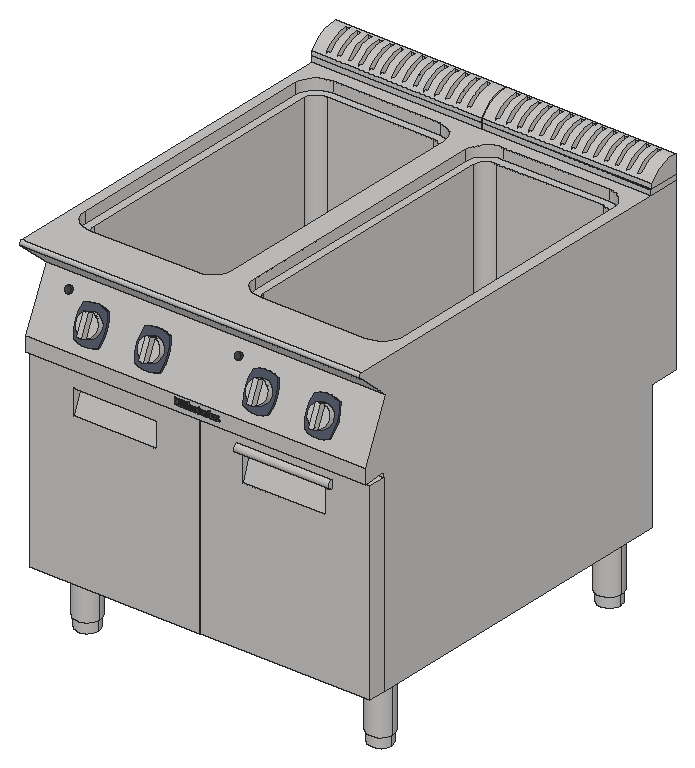
Revit family "QF_ELECTROLUXPROFESSIONAL_391413_E9OODDBAME", category Specialty Equipment, Revit 2018
Family settings
  Round Connector Dimension = Use Diameter
  Part Type = Normal
  Work Plane-Based = No
  Always vertical = Yes
  Cut with Voids When Loaded = No
  Shared = No
  Room Calculation Point = No
Parameters (values of type "Standard")
  Weight = 115.00 kg
  Watts = 0 W
  Volts = 380 V
  URL Manufacturer = "http://professional.electrolux.com"
  URL = "http://professional.electrolux.com"
  Steam Supply Size = 0"
  Steam Supply Minimum Pressure = 0.00 psi
  Steam Supply Maximum Pressure = 0.00 psi
  Steam Pounds per Hour = 0
  Show Logo [instance] = yes
  Show Clearance [instance] = yes
  Refrigeration Suction Line Size = 0 mm
  Refrigeration Liquid Line Size = 0 mm
  Refrigerant Compressor Remote = yes
  Phase = 3
  Model = "E9OODDBAME"
  Manufacturer = "Electrolux Professional"
  Length Actual = 800 mm  # constant formula
  Item Number = "391413"
  Hot Water Size = 0"
  Height Actual = 850 mm  # constant formula
  HP = "26.8 HP"
  Gas Size = 0"
  Gas KW = 0
  Gas Input Pressure = 0.0 Btu/h
  Direct Waste Size = 1"
  Description = "ELECTRIC PASTA COOKER 2X40 LT WELLS (AUS)"
  Depth Actual = 930 mm  # constant formula
  Cycle = 50 Hz
  Condensate Return Size = 0"
  Compressed Air Volume = 0 GPM
  Compressed Air Size = 0"
  Compressed Air Pressure = 0.00 psi
  Cold Water Size = 3/4"
  Accessory = yes
Reference planes
  plane 1 "BACK": y = 0
  plane 2: z = 0
  plane 3 "LEFT": x = 0
  plane 4 "RIGHT": x = 800
  plane 5 "FRONT": y = -930
  plane 6 "TOP": z = 908
  plane 7 "Center Y": x = 400
  plane 8 "Center X": y = -465
  plane 9 "BASE": z = 601.763
  plane 10 "TOP A": z = 851
  plane 11: z = 150
  plane 12: y = -126
  plane 13: y = -800
  plane 14: y = -1288
  plane 15: x = 755
  plane 16: x = 232
  plane 17: x = 65
  plane 18: x = 737
  plane 19: x = 632
  plane 20: x = 55
  plane 21: x = 745
Forms (mm)
  Extrusion 1, solid, material "QF_Finishes_Stainless Steel"
    sketch origin (0, 0, 0) x (0, 1, 0) y (0, 0, 1)
      loop
        line (0, 851) -> (-923.65, 851)
        arc (-923.65, 851) -> (-929.517, 847.08) -> (-928.14, 840.16) r 6.35
        line (-928.14, 840.16) -> (-852.034, 773.495) -> (-912.145, 642.892) -> (-912.145, 608.853) -> (-858.773, 614.463) -> (-858.773, 150) -> (-70, 150) -> (-70, 451.763) -> (0, 451.763) -> (0, 851)
      loop
        line (-900, 601.763) -> (-900, 150) -> (-860.361, 150) -> (-860.361, 601.763) -> (-900, 601.763)
    from 0 to 800
  Extrusion 2, solid, material "QF_Clearances", visible <- "Show Clearance", detail levels coarse
    sketch origin (0, 0, 0) x (1, 0, 0) y (0, 1, 0)
      loop
        line (0, -930) -> (0, 0) -> (800, 0) -> (800, -930) -> (950.019, -930) -> (950.019, 150.019) -> (-150.019, 150.019) -> (-150.019, -930) -> (0, -930)
    from 0 to 908
  Extrusion 3, solid, material "QF_Door-Drawer Clearances", visible <- "Show Clearance", detail levels coarse
    sketch origin (400, 0, 851) x (1, 0, 0) y (0, 1, 0)
      loop
        arc (-400, -1288) -> (-124.279, -1172.327) -> (-0.826, -900) r 409.234
        line (-0.826, -900) -> (-400, -900) -> (-400, -1288)
    from -701 to -249.237
  Extrusion 4, solid, material "QF_Door-Drawer Clearances", visible <- "Show Clearance", detail levels coarse
    sketch origin (400, 0, 851) x (-1, 0, 0) y (0, -1, 0)
      loop
        line (-400, 1288) -> (-400, 900) -> (-0.826, 900)
        arc (-0.826, 900) -> (-124.279, 1172.327) -> (-400, 1288) r 409.234
    from -701 to -249.237
  Extrusion 5, solid, material "QF_Finishes_Navy Blue", visible <- "Show Logo"
    sketch origin (201.175, -912.145, 608.853) x (0, 0, 1) y (-1, 0, 0)
      loop
        line (27.359, -159.055) -> (14.993, -159.055)
        arc (14.993, -159.055) -> (21.176, -163.626) -> (27.359, -159.055) r 6.467
      loop
        arc (27.359, -158.426) -> (26.19, -153.283) -> (21.534, -150.805) r 6.338
        line (21.534, -150.805) -> (21.534, -152.851)
        arc (21.534, -152.851) -> (23.018, -156.506) -> (26.464, -158.426) r 5.941
        line (26.464, -158.426) -> (27.359, -158.426)
      loop
        arc (15.888, -158.426) -> (19.334, -156.506) -> (20.817, -152.851) r 5.941
        line (20.817, -152.851) -> (20.817, -150.805)
        arc (20.817, -150.805) -> (16.123, -153.279) -> (14.834, -158.426) r 6.504
        line (14.834, -158.426) -> (15.888, -158.426)
      loop
        line (28.034, -150.336) -> (14.29, -150.336) -> (14.29, -164.099) -> (28.034, -164.099) -> (28.034, -150.336)
      loop
        arc (28.118, -167.066) -> (27.77, -166.709) -> (27.403, -167.047) r 0.358
        arc (27.403, -167.047) -> (27.089, -167.797) -> (26.372, -168.182) r 1.216
        line (26.372, -168.182) -> (15.959, -168.182)
        arc (15.959, -168.182) -> (15.299, -167.904) -> (14.903, -167.308) r 1.238
        arc (14.903, -167.308) -> (14.509, -167.057) -> (14.203, -167.411) r 0.358
        line (14.203, -167.411) -> (14.203, -177.29) -> (16.954, -177.29) -> (16.954, -176.393)
        arc (16.954, -176.393) -> (16.045, -175.813) -> (15.589, -174.836) r 1.928
        line (15.589, -174.836) -> (15.589, -172.337)
        arc (15.589, -172.337) -> (15.865, -171.608) -> (16.553, -171.244) r 1.101
        line (16.553, -171.244) -> (20.64, -171.244) -> (20.64, -174.917)
        arc (20.64, -174.917) -> (20.287, -175.414) -> (19.722, -175.642) r 1.083
        arc (19.722, -175.642) -> (19.459, -175.948) -> (19.751, -176.226) r 0.292
        line (19.751, -176.226) -> (22.713, -176.226)
        arc (22.713, -176.226) -> (23.016, -175.953) -> (22.777, -175.623) r 0.305
        arc (22.777, -175.623) -> (22.286, -175.375) -> (21.981, -174.917) r 1.083
        line (21.981, -174.917) -> (21.981, -171.244) -> (26.659, -171.244) -> (26.659, -174.991)
        arc (26.659, -174.991) -> (26.444, -175.747) -> (25.838, -176.245) r 1.314
        arc (25.838, -176.245) -> (25.619, -176.649) -> (25.973, -176.941) r 0.361
        line (25.973, -176.941) -> (28.118, -176.941) -> (28.118, -167.066)
      loop
        arc (27.4, -177.722) -> (27.02, -178.641) -> (26.101, -179.021) r 1.299
        line (26.101, -179.021) -> (16.522, -179.021)
        arc (16.522, -179.021) -> (15.684, -178.643) -> (15.413, -177.765) r 1.118
        line (15.413, -177.765) -> (14.203, -177.765) -> (14.203, -183.115) -> (15.391, -183.115)
        arc (15.391, -183.115) -> (15.663, -182.198) -> (16.533, -181.802) r 1.153
        line (16.533, -181.802) -> (28.605, -181.802) -> (27.4, -177.722)
      loop
        line (19.168, -185.751) -> (19.168, -192.198) -> (19.967, -192.198)
        arc (19.967, -192.198) -> (22.547, -191.214) -> (23.816, -188.76) r 3.874
        line (23.816, -188.76) -> (23.816, -187)
        arc (23.816, -187) -> (22.629, -184.135) -> (19.765, -182.949) r 4.051
        line (19.765, -182.949) -> (17.757, -182.949)
        arc (17.757, -182.949) -> (14.938, -184.434) -> (13.887, -187.441) r 4.352
        arc (13.887, -187.441) -> (14.251, -189.904) -> (15.629, -191.978) r 5.713
        line (15.629, -191.978) -> (16.578, -191.978)
        arc (16.578, -191.978) -> (15.845, -190.409) -> (15.629, -188.691) r 5.579
        arc (15.629, -188.691) -> (16.422, -186.728) -> (18.301, -185.751) r 3.057
        line (18.301, -185.751) -> (19.168, -185.751)
      loop
        line (20.427, -185.751) -> (20.427, -189.333)
        arc (20.427, -189.333) -> (21.884, -189.38) -> (22.767, -188.221) r 1.59
        line (22.767, -188.221) -> (22.767, -187.391)
        arc (22.767, -187.391) -> (21.902, -186.136) -> (20.427, -185.751) r 2.184
      loop
        arc (23.218, -201.616) -> (23.707, -199.942) -> (23.864, -198.205) r 9.023
        line (23.864, -198.205) -> (23.864, -196.843)
        arc (23.864, -196.843) -> (22.705, -194.043) -> (19.905, -192.883) r 3.959
        line (19.905, -192.883) -> (17.305, -192.883)
        arc (17.305, -192.883) -> (15.023, -194.176) -> (13.906, -196.549) r 4.331
        line (13.906, -196.549) -> (13.906, -198.684)
        arc (13.906, -198.684) -> (14.414, -200.234) -> (15.336, -201.58) r 5.772
        arc (15.336, -201.58) -> (16.098, -201.631) -> (16.184, -200.872) r 0.553
        arc (16.184, -200.872) -> (15.796, -200.138) -> (15.662, -199.319) r 2.573
        line (15.662, -199.319) -> (15.662, -197.804)
        arc (15.662, -197.804) -> (16.668, -196.162) -> (18.483, -195.52) r 2.884
        line (18.483, -195.52) -> (19.762, -195.52)
        arc (19.762, -195.52) -> (21.583, -196.08) -> (22.509, -197.745) r 2.554
        line (22.509, -197.745) -> (22.509, -198.798)
        arc (22.509, -198.798) -> (22.178, -199.726) -> (21.521, -200.461) r 2.564
        arc (21.521, -200.461) -> (21.299, -201.178) -> (21.909, -201.616) r 0.643
        line (21.909, -201.616) -> (23.218, -201.616)
      loop
        line (22.2, -201.886) -> (22.2, -203.387) -> (16.152, -203.387)
        arc (16.152, -203.387) -> (14.564, -204.045) -> (13.906, -205.633) r 2.246
        line (13.906, -205.633) -> (13.906, -207.217)
        arc (13.906, -207.217) -> (14.22, -208.081) -> (14.72, -208.853) r 4.06
        arc (14.72, -208.853) -> (15.453, -208.986) -> (15.704, -208.285) r 0.576
        arc (15.704, -208.285) -> (15.598, -207.759) -> (15.662, -207.227) r 1.69
        arc (15.662, -207.227) -> (16.204, -206.439) -> (17.11, -206.136) r 1.506
        line (17.11, -206.136) -> (22.248, -206.136) -> (22.248, -208.533) -> (22.805, -209.089) -> (23.626, -209.089) -> (23.626, -206.23) -> (26.857, -206.23) -> (22.2, -201.886)
      loop
        line (14.124, -209.987) -> (14.124, -215.374) -> (15.234, -215.374)
        arc (15.234, -215.374) -> (15.627, -214.423) -> (16.578, -214.029) r 1.345
        line (16.578, -214.029) -> (20.195, -214.029)
        arc (20.195, -214.029) -> (20.959, -214.621) -> (21.249, -215.543) r 1.615
        line (21.249, -215.543) -> (21.249, -217.099) -> (23.805, -217.784) -> (23.805, -216.401) -> (21.862, -213.842) -> (23.742, -213.842) -> (23.458, -211.136)
        arc (23.458, -211.136) -> (23.018, -210.606) -> (22.359, -210.807) r 0.621
        arc (22.359, -210.807) -> (21.959, -211.149) -> (21.465, -211.332) r 1.501
        line (21.465, -211.332) -> (16.578, -211.332)
        arc (16.578, -211.332) -> (15.627, -210.938) -> (15.234, -209.987) r 1.345
        line (15.234, -209.987) -> (14.124, -209.987)
      loop
        line (20.225, -217.321) -> (17.533, -217.321)
        arc (17.533, -217.321) -> (15.088, -218.629) -> (13.954, -221.159) r 4.288
        arc (13.954, -221.159) -> (13.89, -222.54) -> (13.954, -223.92) r 15.022
        arc (13.954, -223.92) -> (15.088, -226.451) -> (17.533, -227.758) r 4.288
        line (17.533, -227.758) -> (20.225, -227.758)
        arc (20.225, -227.758) -> (22.671, -226.451) -> (23.805, -223.92) r 4.288
        arc (23.805, -223.92) -> (23.868, -222.54) -> (23.805, -221.159) r 15.022
        arc (23.805, -221.159) -> (22.671, -218.629) -> (20.225, -217.321) r 4.288
      loop
        line (20.43, -220.435) -> (17.328, -220.435)
        arc (17.328, -220.435) -> (15.171, -222.592) -> (17.328, -224.749) r 2.157
        line (17.328, -224.749) -> (20.43, -224.749)
        arc (20.43, -224.749) -> (22.587, -222.592) -> (20.43, -220.435) r 2.157
      loop
        arc (27.411, -227.616) -> (27.041, -228.51) -> (26.147, -228.881) r 1.264
        line (26.147, -228.881) -> (16.282, -228.881)
        arc (16.282, -228.881) -> (15.412, -228.484) -> (15.141, -227.568) r 1.153
        line (15.141, -227.568) -> (14.203, -227.568) -> (14.203, -232.676) -> (15.131, -232.676)
        arc (15.131, -232.676) -> (15.49, -231.904) -> (16.282, -231.589) r 1.153
        line (16.282, -231.589) -> (28.605, -231.589) -> (27.411, -227.616)
      loop
        arc (22.531, -232.213) -> (22.332, -233.278) -> (21.363, -233.76) r 1.215
        line (21.363, -233.76) -> (16.343, -233.76)
        arc (16.343, -233.76) -> (14.728, -234.407) -> (14.008, -235.99) r 2.338
        line (14.008, -235.99) -> (14.008, -237.505)
        arc (14.008, -237.505) -> (14.182, -238.509) -> (14.684, -239.395) r 2.979
        line (14.684, -239.395) -> (14.203, -241.192) -> (14.203, -242.88) -> (23.629, -242.88) -> (23.335, -238.677) -> (22.548, -238.677)
        arc (22.548, -238.677) -> (22.192, -239.513) -> (21.44, -240.022) r 1.605
        line (21.44, -240.022) -> (16.337, -240.022)
        arc (16.337, -240.022) -> (15.917, -239.085) -> (15.844, -238.061) r 2.94
        arc (15.844, -238.061) -> (16.405, -236.96) -> (17.558, -236.517) r 1.724
        line (17.558, -236.517) -> (23.755, -236.517) -> (22.531, -232.213)
      loop
        line (23.559, -243.734) -> (21.887, -245.78) -> (18.713, -248.086) -> (15.257, -244.974)
        arc (15.257, -244.974) -> (15.02, -244.58) -> (15.042, -244.121) r 0.789
        line (15.042, -244.121) -> (14.203, -244.121) -> (14.203, -247.666) -> (15.029, -247.666)
        arc (15.029, -247.666) -> (15.372, -247.304) -> (15.862, -247.396) r 0.52
        line (15.862, -247.396) -> (17.661, -248.867) -> (15.543, -250.242)
        arc (15.543, -250.242) -> (15.142, -249.932) -> (15.055, -249.433) r 0.7
        line (15.055, -249.433) -> (14.203, -249.433) -> (14.203, -255.36) -> (15.09, -255.36)
        arc (15.09, -255.36) -> (15.157, -254.701) -> (15.552, -254.17) r 1.247
        line (15.552, -254.17) -> (19.751, -250.889) -> (22.198, -252.942) -> (23.559, -254.684) -> (23.559, -250.96) -> (22.074, -251.383) -> (20.553, -250.106) -> (22.253, -248.916) -> (23.559, -249.692) -> (23.559, -243.734)
    from 0 to 1.644
  Extrusion 6, solid, material "QF_Finishes_Stainless Steel"
    sketch origin (200, 0, 0) x (0, 1, 0) y (0, 0, 1)
      loop
        line (-71.89, 863.9) -> (-71.89, 851) -> (0, 851) -> (0, 863.9) -> (-71.89, 863.9)
    from -200 to 200
  Extrusion 7, solid, material "QF_Finishes_Stainless Steel"
    sketch origin (0, 0, 574.263) x (0, 1, 0) y (0, 0, 1)
      loop
        line (0, 289.638) -> (0, 333.737)
        arc (0, 333.737) -> (-39.336, 326.03) -> (-69.85, 300.038) r 79.141
        line (-69.85, 300.038) -> (-69.85, 289.638) -> (0, 289.638)
    from 0 to 400
  Extrusion 8, void
    sketch origin (0, 0, 848.9) x (0, -1, 0) y (1, 0, 0)
      loop
        line (6.761, 29.703) -> (63.911, 29.703) -> (63.911, 38.999) -> (6.761, 38.999) -> (6.761, 29.703)
      loop
        line (63.911, 64.487) -> (6.761, 64.487) -> (6.761, 55.191) -> (63.911, 55.191) -> (63.911, 64.487)
      loop
        line (63.911, 89.975) -> (6.761, 89.975) -> (6.761, 80.68) -> (63.911, 80.68) -> (63.911, 89.975)
      loop
        line (63.911, 115.464) -> (6.761, 115.464) -> (6.761, 106.168) -> (63.911, 106.168) -> (63.911, 115.464)
      loop
        line (63.911, 140.952) -> (6.761, 140.952) -> (6.761, 131.656) -> (63.911, 131.656) -> (63.911, 140.952)
      loop
        line (63.911, 166.44) -> (6.761, 166.44) -> (6.761, 157.145) -> (63.911, 157.145) -> (63.911, 166.44)
      loop
        line (63.911, 191.929) -> (6.761, 191.929) -> (6.761, 182.633) -> (63.911, 182.633) -> (63.911, 191.929)
      loop
        line (63.911, 217.417) -> (6.761, 217.417) -> (6.761, 208.121) -> (63.911, 208.121) -> (63.911, 217.417)
      loop
        line (63.911, 242.905) -> (6.761, 242.905) -> (6.761, 233.61) -> (63.911, 233.61) -> (63.911, 242.905)
      loop
        line (63.911, 268.394) -> (6.761, 268.394) -> (6.761, 259.098) -> (63.911, 259.098) -> (63.911, 268.394)
      loop
        line (63.911, 293.882) -> (6.761, 293.882) -> (6.761, 284.586) -> (63.911, 284.586) -> (63.911, 293.882)
      loop
        line (63.911, 319.37) -> (6.761, 319.37) -> (6.761, 310.075) -> (63.911, 310.075) -> (63.911, 319.37)
      loop
        line (63.911, 344.859) -> (6.761, 344.859) -> (6.761, 335.563) -> (63.911, 335.563) -> (63.911, 344.859)
      loop
        line (63.911, 370.347) -> (6.761, 370.347) -> (6.761, 361.051) -> (63.911, 361.051) -> (63.911, 370.347)
    from 25.4 to 63.5
  Extrusion 9, solid, material "QF_Finishes_Stainless Steel"
    sketch origin (600, 0, 0) x (0, 1, 0) y (0, 0, -1)
      loop
        line (-71.89, -863.9) -> (0, -863.9) -> (0, -851) -> (-71.89, -851) -> (-71.89, -863.9)
    from -200 to 200
  Extrusion 10, solid, material "QF_Finishes_Stainless Steel"
    sketch origin (800, 0, 574.263) x (0, 1, 0) y (0, 0, -1)
      loop
        line (0, -289.638) -> (-69.85, -289.638) -> (-69.85, -300.038)
        arc (-69.85, -300.038) -> (-39.336, -326.03) -> (0, -333.737) r 79.141
        line (0, -333.737) -> (0, -289.638)
    from 0 to 400
  Extrusion 11, void
    sketch origin (800, 0, 848.9) x (0, -1, 0) y (1, 0, 0)
      loop
        line (6.761, -29.703) -> (6.761, -38.999) -> (63.911, -38.999) -> (63.911, -29.703) -> (6.761, -29.703)
      loop
        line (63.911, -64.487) -> (63.911, -55.191) -> (6.761, -55.191) -> (6.761, -64.487) -> (63.911, -64.487)
      loop
        line (63.911, -90.975) -> (63.911, -81.68) -> (6.761, -81.68) -> (6.761, -90.975) -> (63.911, -90.975)
      loop
        line (63.911, -116.464) -> (63.911, -107.168) -> (6.761, -107.168) -> (6.761, -116.464) -> (63.911, -116.464)
      loop
        line (63.911, -141.952) -> (63.911, -132.656) -> (6.761, -132.656) -> (6.761, -141.952) -> (63.911, -141.952)
      loop
        line (63.911, -167.44) -> (63.911, -158.145) -> (6.761, -158.145) -> (6.761, -167.44) -> (63.911, -167.44)
      loop
        line (63.911, -192.929) -> (63.911, -183.633) -> (6.761, -183.633) -> (6.761, -192.929) -> (63.911, -192.929)
      loop
        line (63.911, -218.417) -> (63.911, -209.121) -> (6.761, -209.121) -> (6.761, -218.417) -> (63.911, -218.417)
      loop
        line (63.911, -243.905) -> (63.911, -234.61) -> (6.761, -234.61) -> (6.761, -243.905) -> (63.911, -243.905)
      loop
        line (63.911, -269.394) -> (63.911, -260.098) -> (6.761, -260.098) -> (6.761, -269.394) -> (63.911, -269.394)
      loop
        line (63.911, -294.882) -> (63.911, -285.586) -> (6.761, -285.586) -> (6.761, -294.882) -> (63.911, -294.882)
      loop
        line (63.911, -320.37) -> (63.911, -311.075) -> (6.761, -311.075) -> (6.761, -320.37) -> (63.911, -320.37)
      loop
        line (63.911, -345.859) -> (63.911, -336.563) -> (6.761, -336.563) -> (6.761, -345.859) -> (63.911, -345.859)
      loop
        line (63.911, -371.347) -> (63.911, -362.051) -> (6.761, -362.051) -> (6.761, -371.347) -> (63.911, -371.347)
    from 25.4 to 63.5
  Extrusion 12, void
    sketch origin (0, -900, 601.763) x (0, 0, -1) y (1, 0, 0)
      loop
        line (451.762, 400.912) -> (0, 400.912) -> (0, 399.088) -> (451.762, 399.088) -> (451.762, 400.912)
    from 0 to -39.639
  Extrusion 13, void
    sketch origin (200, -14.239, 0) x (0, 1, 0) y (0, 0, 1)
      loop
        line (-885.761, 564.263) -> (-885.761, 504.332) -> (-863.948, 564.263) -> (-885.761, 564.263)
    from -96.424 to 99.144
  Extrusion 14, void
    sketch origin (600, -14.239, 0) x (0, 1, 0) y (0, 0, -1)
      loop
        line (-885.761, -564.263) -> (-863.948, -564.263) -> (-885.761, -504.332) -> (-885.761, -564.263)
    from -96.424 to 99.144
  Extrusion 15, solid, material "QF_Finishes_Stainless Steel"
    sketch origin (600, -14.239, 22.5) x (0, 1, 0) y (0, 0, -1)
      loop
        arc (-885.761, -541.858) -> (-895.666, -551.763) -> (-885.761, -561.667) r 9.905
        line (-885.761, -561.667) -> (-885.761, -541.858)
    from -110.529 to 112.106
  Extrusion 16, void
    sketch origin (0, 0, 791) x (1, 0, 0) y (0, 1, 0)
      loop
        line (75, -800) -> (325, -800)
        arc (325, -800) -> (346.213, -791.213) -> (355, -770) r 30
        line (355, -770) -> (355, -606.643)
        arc (355, -606.643) -> (346.213, -627.856) -> (325, -636.643) r 30
        line (325, -636.643) -> (75, -636.643)
        arc (75, -636.643) -> (53.787, -627.856) -> (45, -606.643) r 30
        line (45, -606.643) -> (45, -770)
        arc (45, -770) -> (53.787, -791.213) -> (75, -800) r 30
    from 35 to -189.237
  Extrusion 17, void
    sketch origin (0, 0, 791) x (0, 1, 0) y (-1, 0, 0)
      loop
        arc (-121.89, -75) -> (-130.677, -53.787) -> (-151.89, -45) r 30
        line (-151.89, -45) -> (-606.643, -45)
        arc (-606.643, -45) -> (-627.856, -53.787) -> (-636.643, -75) r 30
        line (-636.643, -75) -> (-636.643, -325)
        arc (-636.643, -325) -> (-627.856, -346.213) -> (-606.643, -355) r 30
        line (-606.643, -355) -> (-151.89, -355)
        arc (-151.89, -355) -> (-130.677, -346.213) -> (-121.89, -325) r 30
        line (-121.89, -325) -> (-121.89, -75)
    from 35 to -339.237
  Extrusion 18, void
    sketch origin (800, 0, 851) x (1, 0, 0) y (0, 1, 0)
      loop
        line (-75, -101.89) -> (-325, -101.89)
        arc (-325, -101.89) -> (-360.355, -116.535) -> (-375, -151.89) r 50
        line (-375, -151.89) -> (-375, -770)
        arc (-375, -770) -> (-360.355, -805.355) -> (-325, -820) r 50
        line (-325, -820) -> (-75, -820)
        arc (-75, -820) -> (-39.645, -805.355) -> (-25, -770) r 50
        line (-25, -770) -> (-25, -151.89)
        arc (-25, -151.89) -> (-39.645, -116.535) -> (-75, -101.89) r 50
    from 0 to -25
  Extrusion 19, void
    sketch origin (800, 0, 791) x (-1, 0, 0) y (0, -1, 0)
      loop
        arc (75, 800) -> (53.787, 791.213) -> (45, 770) r 30
        line (45, 770) -> (45, 606.643)
        arc (45, 606.643) -> (53.787, 627.856) -> (75, 636.643) r 30
        line (75, 636.643) -> (325, 636.643)
        arc (325, 636.643) -> (346.213, 627.856) -> (355, 606.643) r 30
        line (355, 606.643) -> (355, 770)
        arc (355, 770) -> (346.213, 791.213) -> (325, 800) r 30
        line (325, 800) -> (75, 800)
    from 35 to -189.237
  Extrusion 20, void
    sketch origin (800, 0, 791) x (0, -1, 0) y (1, 0, 0)
      loop
        line (121.89, -75) -> (121.89, -325)
        arc (121.89, -325) -> (130.677, -346.213) -> (151.89, -355) r 30
        line (151.89, -355) -> (606.643, -355)
        arc (606.643, -355) -> (627.856, -346.213) -> (636.643, -325) r 30
        line (636.643, -325) -> (636.643, -75)
        arc (636.643, -75) -> (627.856, -53.787) -> (606.643, -45) r 30
        line (606.643, -45) -> (151.89, -45)
        arc (151.89, -45) -> (130.677, -53.787) -> (121.89, -75) r 30
    from 35 to -339.237
  Extrusion 21, solid, material "QF_Finishes_Navy Blue"
    sketch origin (-405.52, -913.486, 639.979) x (0, 0.418102, 0.9084) y (-1, 0, 0)
      loop
        arc (102.623, -510.47) -> (67.041, -502.846) -> (31.333, -509.853) r 90.5
        arc (31.333, -509.853) -> (24.507, -539.04) -> (31.333, -568.228) r 65.817
        arc (31.333, -568.228) -> (67.04, -575.188) -> (102.623, -567.615) r 91.066
        arc (102.623, -567.615) -> (109.179, -539.043) -> (102.623, -510.47) r 65.546
    from 0 to 3.175
  Extrusion 22, solid, material "QF_Finishes_Stainless Steel"
    sketch origin (-26.77, -917.2, 639.505) x (0, 0.418102, 0.9084) y (-1, 0, 0)
      loop
        circle (68.826, -160.963) r 25.4
    from 0 to 12.7
  Extrusion 23, solid, material "QF_Finishes_Stainless Steel"
    sketch origin (-26.77, -928.736, 644.814) x (0, 0.418102, 0.9084) y (-1, 0, 0)
      loop
        arc (93.558, -166.749) -> (94.226, -160.963) -> (93.558, -155.177) r 25.4
        line (93.558, -155.177) -> (44.094, -155.177)
        arc (44.094, -155.177) -> (43.426, -160.963) -> (44.094, -166.749) r 25.4
        line (44.094, -166.749) -> (93.558, -166.749)
    from 0 to 12.7
  Extrusion 24, solid, material "QF_Finishes_Navy Blue"
    sketch origin (-260.52, -913.486, 639.979) x (0, 0.418102, 0.9084) y (-1, 0, 0)
      loop
        arc (102.623, -510.47) -> (67.041, -502.846) -> (31.333, -509.853) r 90.5
        arc (31.333, -509.853) -> (24.507, -539.04) -> (31.333, -568.228) r 65.817
        arc (31.333, -568.228) -> (67.04, -575.188) -> (102.623, -567.615) r 91.066
        arc (102.623, -567.615) -> (109.179, -539.043) -> (102.623, -510.47) r 65.546
    from 0 to 3.175
  Extrusion 25, solid, material "QF_Finishes_Stainless Steel"
    sketch origin (118.23, -917.2, 639.505) x (0, 0.418102, 0.9084) y (-1, 0, 0)
      loop
        circle (68.826, -160.963) r 25.4
    from 0 to 12.7
  Extrusion 26, solid, material "QF_Finishes_Stainless Steel"
    sketch origin (118.23, -928.736, 644.814) x (0, 0.418102, 0.9084) y (-1, 0, 0)
      loop
        arc (93.558, -166.749) -> (94.226, -160.963) -> (93.558, -155.177) r 25.4
        line (93.558, -155.177) -> (44.094, -155.177)
        arc (44.094, -155.177) -> (43.426, -160.963) -> (44.094, -166.749) r 25.4
        line (44.094, -166.749) -> (93.558, -166.749)
    from 0 to 12.7
  Extrusion 27, solid, material "QF_Finishes_Black"
    sketch origin (-36.317, -915, 636.69) x (0, 0.418102, 0.9084) y (-1, 0, 0)
      loop
        circle (117.556, -101.317) r 7.5
    from 0 to 4
  Extrusion 28, solid, material "QF_Finishes_Navy Blue"
    sketch origin (-5.52, -913.486, 639.979) x (0, 0.418102, 0.9084) y (-1, 0, 0)
      loop
        arc (102.623, -510.47) -> (67.041, -502.846) -> (31.333, -509.853) r 90.5
        arc (31.333, -509.853) -> (24.507, -539.04) -> (31.333, -568.228) r 65.817
        arc (31.333, -568.228) -> (67.04, -575.188) -> (102.623, -567.615) r 91.066
        arc (102.623, -567.615) -> (109.179, -539.043) -> (102.623, -510.47) r 65.546
    from 0 to 3.175
  Extrusion 29, solid, material "QF_Finishes_Stainless Steel"
    sketch origin (373.23, -917.2, 639.505) x (0, 0.418102, 0.9084) y (-1, 0, 0)
      loop
        circle (68.826, -160.963) r 25.4
    from 0 to 12.7
  Extrusion 30, solid, material "QF_Finishes_Stainless Steel"
    sketch origin (373.23, -928.736, 644.814) x (0, 0.418102, 0.9084) y (-1, 0, 0)
      loop
        arc (93.558, -166.749) -> (94.226, -160.963) -> (93.558, -155.177) r 25.4
        line (93.558, -155.177) -> (44.094, -155.177)
        arc (44.094, -155.177) -> (43.426, -160.963) -> (44.094, -166.749) r 25.4
        line (44.094, -166.749) -> (93.558, -166.749)
    from 0 to 12.7
  Extrusion 31, solid, material "QF_Finishes_Navy Blue"
    sketch origin (139.48, -913.486, 639.979) x (0, 0.418102, 0.9084) y (-1, 0, 0)
      loop
        arc (102.64, -509.47) -> (67.049, -501.922) -> (31.333, -508.853) r 91.424
        arc (31.333, -508.853) -> (24.284, -538.54) -> (31.333, -568.228) r 66.04
        arc (31.333, -568.228) -> (67.048, -575.112) -> (102.64, -567.615) r 91.99
        arc (102.64, -567.615) -> (109.413, -538.543) -> (102.64, -509.47) r 65.781
    from 0 to 3.175
  Extrusion 32, solid, material "QF_Finishes_Stainless Steel"
    sketch origin (518.23, -917.2, 639.505) x (0, 0.418102, 0.9084) y (-1, 0, 0)
      loop
        circle (68.826, -160.963) r 25.4
    from 0 to 12.7
  Extrusion 33, solid, material "QF_Finishes_Stainless Steel"
    sketch origin (518.23, -928.736, 644.814) x (0, 0.418102, 0.9084) y (-1, 0, 0)
      loop
        arc (93.558, -166.749) -> (94.226, -160.963) -> (93.558, -155.177) r 25.4
        line (93.558, -155.177) -> (44.094, -155.177)
        arc (44.094, -155.177) -> (43.426, -160.963) -> (44.094, -166.749) r 25.4
        line (44.094, -166.749) -> (93.558, -166.749)
    from 0 to 12.7
  Extrusion 34, solid, material "QF_Finishes_Black"
    sketch origin (363.683, -915, 636.69) x (0, 0.418102, 0.9084) y (-1, 0, 0)
      loop
        circle (117.556, -101.317) r 7.5
    from 0 to 4
  Extrusion 35, solid, material "QF_Finishes_Stainless Steel"
    sketch origin (0, 0, 0) x (1, 0, 0) y (0, 1, 0)
      loop
        circle (232, -780) r 12.7
    from 176 to 292.788
  Extrusion 36, solid, material "QF_Finishes_Stainless Steel"
    sketch origin (0, -70, 150) x (-1, 0, 0) y (0, 1, 0)
      loop
        circle (-599, -500) r 6.35
    from 0 to 10
  Extrusion 37, solid, material "QF_Finishes_Stainless Steel"
    sketch origin (552.628, 92.372, 0) x (1, 0, 0) y (0, 1, 0)
      loop
        circle (184.372, -792.372) r 9.525
    from 200 to 331.575
  Extrusion 38, solid, material "QF_Finishes_Stainless Steel"
    sketch origin (800, 0, 0) x (-1, 0, 0) y (0, -1, 0)
      loop
        circle (168, 780) r 12.7
    from 176 to 292.788
  Extrusion 39, void
    sketch origin (105, 0, 851) x (-1, 0, 0) y (0, -1, 0)
      loop
        arc (30, 101.89) -> (65.355, 116.535) -> (80, 151.89) r 50
        line (80, 151.89) -> (80, 770)
        arc (80, 770) -> (65.355, 805.355) -> (30, 820) r 50
        line (30, 820) -> (-220, 820)
        arc (-220, 820) -> (-255.355, 805.355) -> (-270, 770) r 50
        line (-270, 770) -> (-270, 151.89)
        arc (-270, 151.89) -> (-255.355, 116.535) -> (-220, 101.89) r 50
        line (-220, 101.89) -> (30, 101.89)
    from 0 to -25
  Revolve 40, solid, material "QF_Finishes_Stainless Steel"
    sketch origin (-1, -126, 608.09) x (0, 0, 1) y (-1, 0, 0)
      loop
        line (-608.09, -56) -> (-458.09, -56) -> (-458.09, -26) -> (-583.09, -26) -> (-583.09, -29.75) -> (-608.09, -29.75) -> (-608.09, -56)
      axis (-608.09, -56) -> (-458.09, -56)
    angle from 0 to 360
  Revolve 41, solid, material "QF_Finishes_Stainless Steel"
    sketch origin (-1, -800, 608.09) x (0, 0, 1) y (1, 0, 0)
      loop
        line (-608.09, 56) -> (-608.09, 29.75) -> (-583.09, 29.75) -> (-583.09, 26) -> (-458.09, 26) -> (-458.09, 56) -> (-608.09, 56)
      axis (-608.09, 56) -> (-458.09, 56)
    angle from 0 to 360
  Revolve 42, solid, material "QF_Finishes_Stainless Steel"
    sketch origin (801, -126, 608.09) x (0, 0, 1) y (-1, 0, 0)
      loop
        line (-608.09, 56) -> (-608.09, 29.75) -> (-583.09, 29.75) -> (-583.09, 26) -> (-458.09, 26) -> (-458.09, 56) -> (-608.09, 56)
      axis (-608.09, 56) -> (-458.09, 56)
    angle from 0 to 360
  Revolve 43, solid, material "QF_Finishes_Stainless Steel"
    sketch origin (801, -800, 608.09) x (0, 0, 1) y (1, 0, 0)
      loop
        line (-608.09, -56) -> (-458.09, -56) -> (-458.09, -26) -> (-583.09, -26) -> (-583.09, -29.75) -> (-608.09, -29.75) -> (-608.09, -56)
      axis (-608.09, -56) -> (-458.09, -56)
    angle from 0 to 360
Cuts and joins
  Extrusion 12, Extrusion 13, Extrusion 14, Extrusion 16, Extrusion 17, Extrusion 18, Extrusion 19, Extrusion 20, Extrusion 39 cuts Extrusion 1
  Extrusion 8, Extrusion 11 cuts Extrusion 7
  Extrusion 11 cuts Extrusion 10
  Extrusion 14 cuts Extrusion 4
Lines and regions (mm)
  symbolic lines, style "QF_Clearances", visible <- "Show Clearance", detail levels coarse
    curve 1: line (-150.019, 150.019, 851) -> (-150.019, -931.377, 851)
    curve 2: line (950.019, 150.019, 851) -> (-150.019, 150.019, 851)
    curve 7: line (950.019, 150.019, 851) -> (950.019, -931.377, 851)
  symbolic lines
    curve 3: line (0, -930, 851) -> (0, 0, 851)
    curve 4: line (400, -930, 851) -> (0, -930, 851)
    curve 5: line (0, -71.89, 851) -> (400, -71.89, 851)
    curve 6: line (0, 0, 851) -> (400, 0, 851)
    curve 8: line (800, -930, 851) -> (800, 0, 851)
    curve 9: line (400, -930, 851) -> (800, -930, 851)
    curve 10: line (800, -71.89, 851) -> (400, -71.89, 851)
    curve 11: line (800, 0, 851) -> (400, 0, 851)
    curve 16: line (38.999, -63.911, 851) -> (29.703, -63.911, 851)
    curve 17: line (38.999, -6.761, 851) -> (38.999, -63.911, 851)
    curve 18: line (29.703, -6.761, 851) -> (38.999, -6.761, 851)
    curve 19: line (29.703, -63.911, 851) -> (29.703, -6.761, 851)
    curve 20: line (64.487, -63.911, 851) -> (55.191, -63.911, 851)
    curve 21: line (64.487, -6.761, 851) -> (64.487, -63.911, 851)
    curve 22: line (55.191, -6.761, 851) -> (64.487, -6.761, 851)
    curve 23: line (55.191, -63.911, 851) -> (55.191, -6.761, 851)
    curve 24: line (89.975, -63.911, 851) -> (80.68, -63.911, 851)
    curve 25: line (89.975, -6.761, 851) -> (89.975, -63.911, 851)
    curve 26: line (80.68, -6.761, 851) -> (89.975, -6.761, 851)
    curve 27: line (80.68, -63.911, 851) -> (80.68, -6.761, 851)
    curve 28: line (115.464, -63.911, 851) -> (106.168, -63.911, 851)
    curve 29: line (115.464, -6.761, 851) -> (115.464, -63.911, 851)
    curve 30: line (106.168, -6.761, 851) -> (115.464, -6.761, 851)
    curve 31: line (106.168, -63.911, 851) -> (106.168, -6.761, 851)
    curve 32: line (140.952, -63.911, 851) -> (131.656, -63.911, 851)
    curve 33: line (140.952, -6.761, 851) -> (140.952, -63.911, 851)
    curve 34: line (131.656, -6.761, 851) -> (140.952, -6.761, 851)
    curve 35: line (131.656, -63.911, 851) -> (131.656, -6.761, 851)
    curve 36: line (166.44, -63.911, 851) -> (157.145, -63.911, 851)
    curve 37: line (166.44, -6.761, 851) -> (166.44, -63.911, 851)
    curve 38: line (157.145, -6.761, 851) -> (166.44, -6.761, 851)
    curve 39: line (157.145, -63.911, 851) -> (157.145, -6.761, 851)
    curve 40: line (191.929, -63.911, 851) -> (182.633, -63.911, 851)
    curve 41: line (191.929, -6.761, 851) -> (191.929, -63.911, 851)
    curve 42: line (182.633, -6.761, 851) -> (191.929, -6.761, 851)
    curve 43: line (182.633, -63.911, 851) -> (182.633, -6.761, 851)
    curve 44: line (217.417, -63.911, 851) -> (208.121, -63.911, 851)
    curve 45: line (217.417, -6.761, 851) -> (217.417, -63.911, 851)
    curve 46: line (208.121, -6.761, 851) -> (217.417, -6.761, 851)
    curve 47: line (208.121, -63.911, 851) -> (208.121, -6.761, 851)
    curve 48: line (242.905, -63.911, 851) -> (233.61, -63.911, 851)
    curve 49: line (242.905, -6.761, 851) -> (242.905, -63.911, 851)
    curve 50: line (233.61, -6.761, 851) -> (242.905, -6.761, 851)
    curve 51: line (233.61, -63.911, 851) -> (233.61, -6.761, 851)
    curve 52: line (268.394, -63.911, 851) -> (259.098, -63.911, 851)
    curve 53: line (268.394, -6.761, 851) -> (268.394, -63.911, 851)
    curve 54: line (259.098, -6.761, 851) -> (268.394, -6.761, 851)
    curve 55: line (259.098, -63.911, 851) -> (259.098, -6.761, 851)
    curve 56: line (293.882, -63.911, 851) -> (284.586, -63.911, 851)
    curve 57: line (293.882, -6.761, 851) -> (293.882, -63.911, 851)
    curve 58: line (284.586, -6.761, 851) -> (293.882, -6.761, 851)
    curve 59: line (284.586, -63.911, 851) -> (284.586, -6.761, 851)
    curve 60: line (319.37, -63.911, 851) -> (310.075, -63.911, 851)
    curve 61: line (319.37, -6.761, 851) -> (319.37, -63.911, 851)
    curve 62: line (310.075, -6.761, 851) -> (319.37, -6.761, 851)
    curve 63: line (310.075, -63.911, 851) -> (310.075, -6.761, 851)
    curve 64: line (344.859, -63.911, 851) -> (335.563, -63.911, 851)
    curve 65: line (344.859, -6.761, 851) -> (344.859, -63.911, 851)
    curve 66: line (335.563, -6.761, 851) -> (344.859, -6.761, 851)
    curve 67: line (335.563, -63.911, 851) -> (335.563, -6.761, 851)
    curve 68: line (370.347, -63.911, 851) -> (361.051, -63.911, 851)
    curve 69: line (370.347, -6.761, 851) -> (370.347, -63.911, 851)
    curve 70: line (361.051, -6.761, 851) -> (370.347, -6.761, 851)
    curve 71: line (361.051, -63.911, 851) -> (361.051, -6.761, 851)
    curve 72: line (761.001, -63.911, 851) -> (770.297, -63.911, 851)
    curve 73: line (761.001, -6.761, 851) -> (761.001, -63.911, 851)
    curve 74: line (770.297, -6.761, 851) -> (761.001, -6.761, 851)
    curve 75: line (770.297, -63.911, 851) -> (770.297, -6.761, 851)
    curve 76: line (735.513, -63.911, 851) -> (744.809, -63.911, 851)
    curve 77: line (735.513, -6.761, 851) -> (735.513, -63.911, 851)
    curve 78: line (744.809, -6.761, 851) -> (735.513, -6.761, 851)
    curve 79: line (744.809, -63.911, 851) -> (744.809, -6.761, 851)
    curve 80: line (710.025, -63.911, 851) -> (719.32, -63.911, 851)
    curve 81: line (710.025, -6.761, 851) -> (710.025, -63.911, 851)
    curve 82: line (719.32, -6.761, 851) -> (710.025, -6.761, 851)
    curve 83: line (719.32, -63.911, 851) -> (719.32, -6.761, 851)
    curve 84: line (684.536, -63.911, 851) -> (693.832, -63.911, 851)
    curve 85: line (684.536, -6.761, 851) -> (684.536, -63.911, 851)
    curve 86: line (693.832, -6.761, 851) -> (684.536, -6.761, 851)
    curve 87: line (693.832, -63.911, 851) -> (693.832, -6.761, 851)
    curve 88: line (659.048, -63.911, 851) -> (668.344, -63.911, 851)
    curve 89: line (659.048, -6.761, 851) -> (659.048, -63.911, 851)
    curve 90: line (668.344, -6.761, 851) -> (659.048, -6.761, 851)
    curve 91: line (668.344, -63.911, 851) -> (668.344, -6.761, 851)
    curve 92: line (632.56, -63.911, 851) -> (641.855, -63.911, 851)
    curve 93: line (632.56, -6.761, 851) -> (632.56, -63.911, 851)
    curve 94: line (641.855, -6.761, 851) -> (632.56, -6.761, 851)
    curve 95: line (641.855, -63.911, 851) -> (641.855, -6.761, 851)
    curve 96: line (607.071, -63.911, 851) -> (616.367, -63.911, 851)
    curve 97: line (607.071, -6.761, 851) -> (607.071, -63.911, 851)
    curve 98: line (616.367, -6.761, 851) -> (607.071, -6.761, 851)
    curve 99: line (616.367, -63.911, 851) -> (616.367, -6.761, 851)
    curve 100: line (581.583, -63.911, 851) -> (590.879, -63.911, 851)
    curve 101: line (581.583, -6.761, 851) -> (581.583, -63.911, 851)
    curve 102: line (590.879, -6.761, 851) -> (581.583, -6.761, 851)
    curve 103: line (590.879, -63.911, 851) -> (590.879, -6.761, 851)
    curve 104: line (556.095, -63.911, 851) -> (565.39, -63.911, 851)
    curve 105: line (556.095, -6.761, 851) -> (556.095, -63.911, 851)
    curve 106: line (565.39, -6.761, 851) -> (556.095, -6.761, 851)
    curve 107: line (565.39, -63.911, 851) -> (565.39, -6.761, 851)
    curve 108: line (530.606, -63.911, 851) -> (539.902, -63.911, 851)
    curve 109: line (530.606, -6.761, 851) -> (530.606, -63.911, 851)
    curve 110: line (539.902, -6.761, 851) -> (530.606, -6.761, 851)
    curve 111: line (539.902, -63.911, 851) -> (539.902, -6.761, 851)
    curve 112: line (505.118, -63.911, 851) -> (514.414, -63.911, 851)
    curve 113: line (505.118, -6.761, 851) -> (505.118, -63.911, 851)
    curve 114: line (514.414, -6.761, 851) -> (505.118, -6.761, 851)
    curve 115: line (514.414, -63.911, 851) -> (514.414, -6.761, 851)
    curve 116: line (479.63, -63.911, 851) -> (488.925, -63.911, 851)
    curve 117: line (479.63, -6.761, 851) -> (479.63, -63.911, 851)
    curve 118: line (488.925, -6.761, 851) -> (479.63, -6.761, 851)
    curve 119: line (488.925, -63.911, 851) -> (488.925, -6.761, 851)
    curve 120: line (454.141, -63.911, 851) -> (463.437, -63.911, 851)
    curve 121: line (454.141, -6.761, 851) -> (454.141, -63.911, 851)
    curve 122: line (463.437, -6.761, 851) -> (454.141, -6.761, 851)
    curve 123: line (463.437, -63.911, 851) -> (463.437, -6.761, 851)
    curve 124: line (428.653, -63.911, 851) -> (437.949, -63.911, 851)
    curve 125: line (428.653, -6.761, 851) -> (428.653, -63.911, 851)
    curve 126: line (437.949, -6.761, 851) -> (428.653, -6.761, 851)
    curve 127: line (437.949, -63.911, 851) -> (437.949, -6.761, 851)
    curve 128: line (25, -770, 851) -> (25, -151.89, 851)
    curve 129: arc (25, -151.89, 851) -> (39.645, -116.535, 851) -> (75, -101.89, 851) r 50
    curve 130: line (75, -101.89, 851) -> (325, -101.89, 851)
    curve 131: arc (325, -101.89, 851) -> (360.355, -116.535, 851) -> (375, -151.89, 851) r 50
    curve 132: line (375, -151.89, 851) -> (375, -770, 851)
    curve 133: arc (375, -770, 851) -> (360.355, -805.355, 851) -> (325, -820, 851) r 50
    curve 134: line (325, -820, 851) -> (75, -820, 851)
    curve 135: arc (75, -820, 851) -> (39.645, -805.355, 851) -> (25, -770, 851) r 50
    curve 136: line (475, -101.89, 851) -> (725, -101.89, 851)
    curve 137: arc (725, -101.89, 851) -> (760.355, -116.535, 851) -> (775, -151.89, 851) r 50
    curve 138: line (775, -151.89, 851) -> (775, -770, 851)
    curve 139: arc (775, -770, 851) -> (760.355, -805.355, 851) -> (725, -820, 851) r 50
    curve 140: line (725, -820, 851) -> (475, -820, 851)
    curve 141: arc (475, -820, 851) -> (439.645, -805.355, 851) -> (425, -770, 851) r 50
    curve 142: line (425, -770, 851) -> (425, -151.89, 851)
    curve 143: arc (425, -151.89, 851) -> (439.645, -116.535, 851) -> (475, -101.89, 851) r 50
    curve 144: line (475, -121.89, 851) -> (725, -121.89, 851)
    curve 145: arc (725, -121.89, 851) -> (746.213, -130.677, 851) -> (755, -151.89, 851) r 30
    curve 146: line (755, -151.89, 851) -> (755, -770, 851)
    curve 147: arc (755, -770, 851) -> (746.213, -791.213, 851) -> (725, -800, 851) r 30
    curve 148: line (725, -800, 851) -> (475, -800, 851)
    curve 149: arc (475, -800, 851) -> (453.787, -791.213, 851) -> (445, -770, 851) r 30
    curve 150: line (445, -770, 851) -> (445, -151.89, 851)
    curve 151: arc (445, -151.89, 851) -> (453.787, -130.677, 851) -> (475, -121.89, 851) r 30
    curve 152: line (45, -770, 851) -> (45, -151.89, 851)
    curve 153: arc (45, -151.89, 851) -> (53.787, -130.677, 851) -> (75, -121.89, 851) r 30
    curve 154: line (75, -121.89, 851) -> (325, -121.89, 851)
    curve 155: arc (325, -121.89, 851) -> (346.213, -130.677, 851) -> (355, -151.89, 851) r 30
    curve 156: line (355, -151.89, 851) -> (355, -770, 851)
    curve 157: arc (355, -770, 851) -> (346.213, -791.213, 851) -> (325, -800, 851) r 30
    curve 158: line (325, -800, 851) -> (75, -800, 851)
    curve 159: arc (75, -800, 851) -> (53.787, -791.213, 851) -> (45, -770, 851) r 30
    curve 160: line (75, -636.643, 851) -> (325, -636.643, 851)
    curve 161: arc (45, -606.643, 851) -> (53.787, -627.856, 851) -> (75, -636.643, 851) r 30
    curve 162: arc (325, -636.643, 851) -> (346.213, -627.856, 851) -> (355, -606.643, 851) r 30
    curve 163: line (475, -636.643, 851) -> (725, -636.643, 851)
    curve 164: arc (445, -606.643, 851) -> (453.787, -627.856, 851) -> (475, -636.643, 851) r 30
    curve 165: arc (725, -636.643, 851) -> (746.213, -627.856, 851) -> (755, -606.643, 851) r 30
  symbolic lines, style "QF_Door-Drawer Clearances"
    curve 12: arc (403.486, -930, 851) -> (428.46, -1028.108, 851) -> (476.754, -1117.084, 851) r 409.234
    curve 13: line (476.754, -1117.084, 851) -> (800.76, -930, 851)
    curve 14: arc (396.514, -930, 851) -> (371.609, -1027.931, 851) -> (323.468, -1116.774, 851) r 409.234
    curve 15: line (323.468, -1116.774, 851) -> (0, -930, 851)
Dimensions and locks
  equal spacing: plane 3 "LEFT", plane 7 "Center Y", plane 4 "RIGHT"
  plane 3 "LEFT" to plane 4 "RIGHT" = 800 mm
  equal spacing: plane 5 "FRONT", plane 8 "Center X", plane 1 "BACK"
  plane 5 "FRONT" to plane 1 "BACK" = 930 mm  (x2)
  plane 1 "BACK" to plane 5 "FRONT" = 930 mm
  plane 11 to level = 150 mm  (x2)
  plane 1 "BACK" to plane 12 = 126 mm
  plane 12 to plane 13 = 674 mm
  plane 4 "RIGHT" to plane 3 "LEFT" = 800 mm
  plane 13 to cut or joined group 1 (Extrusion 1, Extrusion 12, Extrusion 13, Extrusion 14, Extrusion 16, Extrusion 17, Extrusion 18, Extrusion 19, Extrusion 20, Extrusion 39) = 100 mm
  plane 5 "FRONT" to plane 14 = 358 mm
  curve 1 to plane 3 "LEFT" = 150.019 mm
  plane 4 "RIGHT" to curve 7 = 150.019 mm
  plane 1 "BACK" to curve 2 = 150.019 mm
  plane 15 to plane 4 "RIGHT" = 45 mm  (x2)
  plane 10 "TOP A" to level = 851 mm
  plane 6 "TOP" to level = 908 mm
  plane 3 "LEFT" to plane 17 = 65 mm
  plane 3 "LEFT" to plane 16 = 232 mm
  plane 3 "LEFT" to plane 19 = 632 mm
  plane 18 to plane 4 "RIGHT" = 63 mm
  Extrusion 36 to plane 1 "BACK" = 570 mm
  Extrusion 35 to plane 1 "BACK" = 780 mm
  Extrusion 38 to plane 1 "BACK" = 780 mm
  Extrusion 37 to plane 1 "BACK" = 700 mm
  cut or joined group 1 to Extrusion 35 = 26 mm
  cut or joined group 1 to Extrusion 37 = 50 mm
  plane 21 to plane 4 "RIGHT" = 55 mm
  plane 20 to plane 21 = 690 mm
  plane 20 to plane 3 "LEFT" = 55 mm
  plane 1 "BACK" to Extrusion 37 = 700 mm
  plane 1 "BACK" to Extrusion 36 = 570 mm
  plane 1 "BACK" to Extrusion 35 = 780 mm
  plane 10 "TOP A" to plane 11 = 701 mm
  aligned and locked: level to plane 2
Automatic sketch dimensions
  curve 129 to curve 153 = 0 mm  (x2)
  curve 131 to curve 155 = 0 mm  (x2)
  curve 133 to curve 157 = 0 mm  (x2)
  curve 135 to curve 159 = 0 mm  (x2)
  curve 137 to curve 145 = 0 mm  (x2)
  curve 139 to curve 147 = 0 mm  (x2)
  curve 141 to curve 149 = 0 mm  (x2)
  curve 143 to curve 151 = 0 mm  (x2)
  plane 5 "FRONT" to curve 13 = 0 mm
  curve 9 to plane 4 "RIGHT" = 0 mm
  curve 146 to plane 15 = 0 mm
  plane 13 to curve 147 = 0 mm
  plane 5 "FRONT" to curve 12 = 0 mm
  plane 1 "BACK" to curve 11 = 0 mm
  curve 11 to plane 7 "Center Y" = 0 mm
  curve 5 to plane 7 "Center Y" = 0 mm
  curve 4 to plane 7 "Center Y" = 0 mm
  plane 13 to curve 157 = 0 mm
  curve 5 to plane 3 "LEFT" = 0 mm
  plane 4 "RIGHT" to curve 12 = 9.515 mm
  plane 4 "RIGHT" to curve 13 = 0.76 mm
  curve 137 to curve 145 = 20 mm
  curve 75 to plane 15 = 15.297 mm
  curve 73 to plane 15 = 6.001 mm
  plane 21 to curve 79 = 0.191 mm
  plane 18 to curve 78 = 1.487 mm
  plane 18 to curve 165 = 12 mm
  plane 18 to curve 145 = 12 mm
  plane 18 to curve 147 = 12 mm
  plane 1 "BACK" to curve 83 = 6.761 mm
  curve 77 to curve 83 = 16.193 mm
  curve 82 to curve 81 = 9.296 mm
  plane 1 "BACK" to curve 87 = 6.761 mm
  curve 81 to curve 87 = 16.193 mm
  curve 86 to curve 86 = 9.296 mm
  plane 1 "BACK" to curve 91 = 6.761 mm
  curve 85 to curve 91 = 16.193 mm
  curve 88 to curve 89 = 9.296 mm
  curve 92 to plane 19 = 9.855 mm
  curve 94 to plane 19 = 0.56 mm
  plane 1 "BACK" to curve 99 = 6.761 mm
  plane 19 to curve 99 = 15.633 mm
  curve 98 to curve 98 = 9.296 mm
  curve 96 to curve 103 = 16.193 mm
  curve 102 to curve 102 = 9.296 mm
  curve 100 to curve 104 = 16.193 mm
  curve 104 to curve 104 = 9.296 mm
  plane 1 "BACK" to curve 110 = 6.761 mm
  curve 105 to curve 110 = 16.193 mm
  curve 108 to curve 109 = 9.296 mm
  plane 1 "BACK" to curve 115 = 6.761 mm
  curve 109 to curve 115 = 16.193 mm
  curve 112 to curve 112 = 9.296 mm
  plane 1 "BACK" to curve 119 = 6.761 mm
  curve 113 to curve 119 = 16.193 mm
  curve 118 to curve 118 = 9.296 mm
  plane 7 "Center Y" to curve 12 = 76.754 mm
  plane 7 "Center Y" to curve 164 = 75 mm
  plane 7 "Center Y" to curve 140 = 75 mm
  plane 12 to curve 143 = 25.89 mm
  plane 7 "Center Y" to curve 143 = 75 mm
  curve 116 to curve 120 = 16.193 mm
  curve 122 to curve 122 = 9.296 mm
  curve 164 to curve 164 = 30 mm
  plane 1 "BACK" to curve 126 = 6.761 mm
  curve 121 to curve 126 = 16.193 mm
  curve 126 to curve 125 = 9.296 mm
  curve 12 to curve 4 = 3.486 mm
  curve 14 to plane 7 "Center Y" = 3.486 mm
  curve 131 to plane 7 "Center Y" = 25 mm
  curve 69 to plane 7 "Center Y" = 29.653 mm
  curve 69 to curve 70 = 9.296 mm
  curve 132 to curve 157 = 20 mm
  plane 1 "BACK" to curve 66 = 6.761 mm
  curve 70 to curve 66 = 16.193 mm
  curve 64 to curve 64 = 9.296 mm
  curve 157 to curve 134 = 30 mm
  curve 154 to plane 12 = 4.11 mm
  curve 156 to curve 154 = 30 mm
  curve 162 to curve 162 = 30 mm
  curve 15 to plane 7 "Center Y" = 76.532 mm
  plane 1 "BACK" to curve 61 = 6.761 mm
  curve 66 to curve 61 = 16.193 mm
  curve 61 to curve 63 = 9.296 mm
  plane 1 "BACK" to curve 57 = 6.761 mm
  curve 62 to curve 57 = 16.193 mm
  curve 56 to curve 59 = 9.296 mm
  plane 1 "BACK" to curve 53 = 6.761 mm
  curve 58 to curve 53 = 16.193 mm
  curve 53 to curve 54 = 9.296 mm
  curve 49 to plane 16 = 10.905 mm
  curve 50 to plane 16 = 1.61 mm
  plane 1 "BACK" to curve 46 = 6.761 mm
  plane 16 to curve 46 = 14.583 mm
  curve 45 to curve 46 = 9.296 mm
  plane 1 "BACK" to curve 42 = 6.761 mm
  curve 46 to curve 42 = 16.193 mm
  curve 41 to curve 43 = 9.296 mm
  curve 40 to curve 36 = 16.193 mm
  curve 37 to curve 38 = 9.296 mm
  curve 36 to curve 32 = 16.193 mm
  curve 32 to curve 35 = 9.296 mm
  plane 1 "BACK" to curve 30 = 6.761 mm
  curve 34 to curve 30 = 16.193 mm
  curve 28 to curve 31 = 9.296 mm
  plane 1 "BACK" to curve 25 = 6.761 mm
  curve 30 to curve 25 = 16.193 mm
  curve 25 to curve 26 = 9.296 mm
  curve 130 to plane 17 = 10 mm
  curve 134 to plane 17 = 10 mm
  curve 161 to plane 17 = 10 mm
  plane 17 to curve 21 = 0.513 mm
  plane 20 to curve 22 = 0.191 mm
  curve 153 to plane 20 = 10 mm
  curve 16 to plane 20 = 16.001 mm
  curve 17 to curve 19 = 9.296 mm
  curve 14 to plane 3 "LEFT" = 9.515 mm
  plane 1 "BACK" to curve 123 = 6.761 mm
  plane 1 "BACK" to curve 107 = 6.761 mm
  plane 1 "BACK" to curve 103 = 6.761 mm
  plane 1 "BACK" to curve 17 = 6.761 mm
  plane 1 "BACK" to curve 21 = 6.761 mm
  plane 1 "BACK" to curve 95 = 6.761 mm
  plane 1 "BACK" to curve 33 = 6.761 mm
  plane 1 "BACK" to curve 37 = 6.761 mm
  plane 1 "BACK" to curve 79 = 6.761 mm
  plane 1 "BACK" to curve 75 = 6.761 mm
  plane 1 "BACK" to curve 71 = 6.761 mm
  plane 1 "BACK" to curve 49 = 6.761 mm
  curve 60 to curve 130 = 37.979 mm
  curve 59 to curve 60 = 0 mm
  curve 60 to curve 64 = 0 mm
  curve 55 to curve 56 = 0 mm
  curve 64 to curve 68 = 0 mm
  curve 51 to curve 52 = 0 mm
  curve 72 to curve 137 = 37.979 mm
  curve 47 to curve 48 = 0 mm
  curve 76 to curve 72 = 0 mm
  curve 43 to curve 44 = 0 mm
  curve 80 to curve 76 = 0 mm
  curve 39 to curve 40 = 0 mm
  curve 84 to curve 80 = 0 mm
  curve 35 to curve 36 = 0 mm
  curve 88 to curve 84 = 0 mm
  curve 31 to curve 32 = 0 mm
  curve 92 to curve 88 = 0 mm
  curve 27 to curve 28 = 0 mm
  curve 96 to curve 92 = 0 mm
  curve 23 to curve 24 = 0 mm
  curve 100 to curve 96 = 0 mm
  curve 19 to curve 20 = 0 mm
  curve 104 to curve 100 = 0 mm
  curve 117 to curve 143 = 37.979 mm
  curve 120 to curve 116 = 0 mm
  curve 108 to curve 104 = 0 mm
  curve 124 to curve 120 = 0 mm
  curve 116 to curve 112 = 0 mm
  curve 72 to curve 10 = 7.979 mm
  curve 161 to plane 8 "Center X" = 141.643 mm
  curve 162 to curve 164 = 0 mm
  curve 12 to plane 5 "FRONT" = 51.124 mm
  curve 14 to plane 5 "FRONT" = 51.124 mm
  plane 5 "FRONT" to curve 7 = 1.377 mm
  plane 5 "FRONT" to curve 1 = 1.377 mm
  Extrusion 1 sketch curve to plane 10 "TOP A" = 0 mm
  Extrusion 1 sketch curve to plane 9 "BASE" = 0 mm
  Extrusion 1 sketch curve to plane 11 = 0 mm  (x2)
  Extrusion 1 sketch curve to plane 1 "BACK" = 0 mm
  Extrusion 1 sketch curve to plane 12 = 56 mm
  plane 13 to Extrusion 1 sketch curve = 52.034 mm
  plane 9 "BASE" to Extrusion 1 sketch curve = 12.7 mm
  plane 13 to Extrusion 1 sketch curve = 58.773 mm
  Extrusion 1 sketch curve to Extrusion 1 sketch curve = 1.588 mm
  Extrusion 1 sketch curve to plane 5 "FRONT" = 30 mm
  Extrusion 1 sketch curve to plane 5 "FRONT" = 17.855 mm
  Extrusion 1 sketch curve to plane 5 "FRONT" = 6.35 mm
  Extrusion 1 sketch curve to plane 5 "FRONT" = 1.86 mm
  Extrusion 1 sketch curve to plane 9 "BASE" = 150 mm
  plane 9 "BASE" to Extrusion 1 sketch curve = 7.09 mm
  Extrusion 1 sketch curve to Extrusion 1 sketch curve = 34.039 mm
  Extrusion 1 sketch curve to plane 10 "TOP A" = 77.505 mm
  Extrusion 1 sketch curve to plane 10 "TOP A" = 10.84 mm
  plane 5 "FRONT" to Extrusion 2 sketch curve = 0 mm  (x2)
  plane 1 "BACK" to Extrusion 2 sketch curve = 0 mm
  Extrusion 2 sketch curve to plane 3 "LEFT" = 0 mm
  Extrusion 2 sketch curve to plane 4 "RIGHT" = 0 mm
  Extrusion 2 sketch curve to plane 3 "LEFT" = 150.019 mm
  plane 4 "RIGHT" to Extrusion 2 sketch curve = 150.019 mm
  Extrusion 2 sketch curve to plane 1 "BACK" = 150.019 mm
  Extrusion 3 sketch curve to plane 3 "LEFT" = 0 mm
  Extrusion 3 sketch curve to plane 14 = 0 mm
  Extrusion 3 sketch curve to plane 3 "LEFT" = 9.515 mm
  Extrusion 3 sketch curve to plane 7 "Center Y" = 0.826 mm
  Extrusion 3 sketch curve to plane 5 "FRONT" = 30 mm
  Extrusion 4 sketch curve to plane 4 "RIGHT" = 0 mm
  Extrusion 4 sketch curve to plane 14 = 0 mm
  plane 4 "RIGHT" to Extrusion 4 sketch curve = 9.515 mm
  plane 7 "Center Y" to Extrusion 4 sketch curve = 0.826 mm
  Extrusion 4 sketch curve to plane 5 "FRONT" = 30 mm
  Extrusion 5 sketch curve to Extrusion 1 = 8.846 mm
  Extrusion 5 sketch curve to Extrusion 1 = 13.887 mm
  Extrusion 5 sketch curve to Extrusion 1 = 13.906 mm
  Extrusion 5 sketch curve to Extrusion 5 sketch curve = 0 mm  (x28)
  Extrusion 5 sketch curve to Extrusion 5 sketch curve = 5.108 mm
  Extrusion 5 sketch curve to Extrusion 5 sketch curve = 0.054 mm
  Extrusion 5 sketch curve to Extrusion 5 sketch curve = 0.218 mm
  Extrusion 5 sketch curve to Extrusion 5 sketch curve = 0.195 mm
  Extrusion 5 sketch curve to Extrusion 5 sketch curve = 0.249 mm
  Extrusion 5 sketch curve to Extrusion 1 = 14.203 mm
  Extrusion 5 sketch curve to Extrusion 5 sketch curve = 0.087 mm
  Extrusion 5 sketch curve to Extrusion 5 sketch curve = 0.358 mm
  Extrusion 5 sketch curve to Extrusion 5 sketch curve = 0.481 mm
  Extrusion 5 sketch curve to Extrusion 5 sketch curve = 0.597 mm
  Extrusion 5 sketch curve to Extrusion 5 sketch curve = 0.544 mm
  Extrusion 5 sketch curve to Extrusion 5 sketch curve = 0.936 mm
  Extrusion 5 sketch curve to Extrusion 5 sketch curve = 0.594 mm
  Extrusion 5 sketch curve to Extrusion 5 sketch curve = 0.343 mm
  Extrusion 5 sketch curve to Extrusion 5 sketch curve = 0.159 mm
  Extrusion 5 sketch curve to Extrusion 5 sketch curve = 0.826 mm
  Extrusion 5 sketch curve to Extrusion 5 sketch curve = 0.839 mm
  Extrusion 5 sketch curve to Extrusion 5 sketch curve = 0.852 mm
  Extrusion 5 sketch curve to Extrusion 5 sketch curve = 0.887 mm
  Extrusion 5 sketch curve to Extrusion 5 sketch curve = 0.928 mm
  Extrusion 5 sketch curve to Extrusion 5 sketch curve = 0.938 mm
  Extrusion 5 sketch curve to Extrusion 5 sketch curve = 0.444 mm
  Extrusion 5 sketch curve to Extrusion 5 sketch curve = 1.11 mm  (x3)
  Extrusion 5 sketch curve to Extrusion 5 sketch curve = 0.215 mm
  Extrusion 5 sketch curve to Extrusion 5 sketch curve = 1.43 mm
  Extrusion 5 sketch curve to Extrusion 5 sketch curve = 1.188 mm
  Extrusion 5 sketch curve to Extrusion 5 sketch curve = 1.21 mm  (x2)
  Extrusion 5 sketch curve to Extrusion 5 sketch curve = 0.503 mm
  Extrusion 5 sketch curve to Extrusion 5 sketch curve = 0.488 mm
  Extrusion 5 sketch curve to Extrusion 5 sketch curve = 0.462 mm
  Extrusion 5 sketch curve to Extrusion 5 sketch curve = 1.386 mm
  Extrusion 5 sketch curve to Extrusion 5 sketch curve = 1.742 mm  (x2)
  Extrusion 5 sketch curve to Extrusion 5 sketch curve = 0.821 mm
  Extrusion 5 sketch curve to Extrusion 5 sketch curve = 0.497 mm
  Extrusion 5 sketch curve to Extrusion 5 sketch curve = 0.539 mm
  Extrusion 5 sketch curve to Extrusion 5 sketch curve = 0.199 mm
  Extrusion 5 sketch curve to Extrusion 5 sketch curve = 0.408 mm
  Extrusion 5 sketch curve to Extrusion 5 sketch curve = 0.528 mm
  Extrusion 5 sketch curve to Extrusion 5 sketch curve = 1.16 mm
  Extrusion 5 sketch curve to Extrusion 5 sketch curve = 0.329 mm
  Extrusion 5 sketch curve to Extrusion 5 sketch curve = 1.054 mm
  Extrusion 5 sketch curve to Extrusion 5 sketch curve = 1.056 mm
  Extrusion 5 sketch curve to Extrusion 5 sketch curve = 0.129 mm
  Extrusion 5 sketch curve to Extrusion 5 sketch curve = 0.489 mm
  Extrusion 5 sketch curve to Extrusion 5 sketch curve = 0.441 mm
  Extrusion 5 sketch curve to Extrusion 5 sketch curve = 1.151 mm
  Extrusion 5 sketch curve to Extrusion 5 sketch curve = 1.141 mm  (x2)
  Extrusion 5 sketch curve to Extrusion 5 sketch curve = 0.768 mm
  Extrusion 5 sketch curve to Extrusion 5 sketch curve = 1.653 mm
  Extrusion 5 sketch curve to Extrusion 5 sketch curve = 0.499 mm
  Extrusion 5 sketch curve to Extrusion 5 sketch curve = 0.964 mm
  Extrusion 5 sketch curve to Extrusion 5 sketch curve = 0.949 mm
  Extrusion 5 sketch curve to Extrusion 5 sketch curve = 1.345 mm  (x3)
  Extrusion 5 sketch curve to Extrusion 5 sketch curve = 1.101 mm
  Extrusion 5 sketch curve to Extrusion 5 sketch curve = 0.432 mm
  Extrusion 5 sketch curve to Extrusion 5 sketch curve = 1.142 mm
  Extrusion 5 sketch curve to Extrusion 5 sketch curve = 0.959 mm
